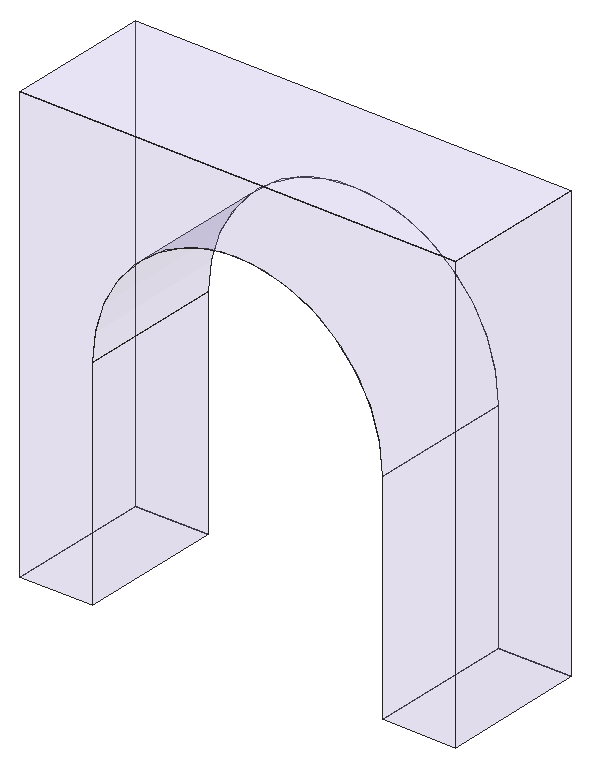
Revit family
Parameters
  Width [instance] = 9000 mm
  Opening Width [instance] = 6000 mm
  Opening Height [instance] = 7500 mm
  Mass Material [instance] = Default Mass
  Height [instance] = 9000 mm
  Depth [instance] = 3000 mm
  Default Elevation = 1200 mm
Reference planes
  plane 1 "Center (Front/Back)": y = 12.955
  plane 2: z = 0
  plane 3 "Center (Left/Right)": x = -30.261
  plane 4: y = 1512.955
  plane 5: x = 4469.739
  plane 6: x = -4530.261
  plane 7: y = -1487.045
  plane 8: z = 9000
  plane 9: z = 4500
  plane 10: x = -3030.261
  plane 11: x = 2969.739
  plane 12: z = 7500
  plane 13: z = 1500
Forms (mm)
  Extrusion 1, solid, material "Default Mass" <- "Mass Material"
    sketch origin (0, 0, 0) x (1, 0, 0) y (0, 1, 0)
      loop
        line (-4530.261, 1512.955) -> (-4530.261, -1487.045) -> (4469.739, -1487.045) -> (4469.739, 1512.955) -> (-4530.261, 1512.955)
    from 0 to 9000
  Extrusion 2, void
    sketch origin (0, 12.955, 0) x (1, 0, 0) y (0, 0, 1)
      loop
        line (2969.739, 0) -> (2969.739, 4500)
        arc (2969.739, 4500) -> (-30.261, 7500) -> (-3030.261, 4500) r 3000
        line (-3030.261, 4500) -> (-3030.261, 0) -> (2969.739, 0)
    from -1500 to 1500
Cuts and joins
  Extrusion 2 cuts Extrusion 1
Dimensions and locks
  equal spacing: Extrusion 1 sketch curve, plane 3 "Center (Left/Right)", Extrusion 1 sketch curve
  equal spacing: Extrusion 1 sketch curve, plane 1 "Center (Front/Back)", Extrusion 1 sketch curve
  equal spacing: plane 6, plane 3 "Center (Left/Right)", plane 5
  "Width": plane 6 to plane 5
  equal spacing: plane 4, plane 1 "Center (Front/Back)", plane 7
  "Depth": plane 4 to plane 7
  equal spacing: plane 10, plane 3 "Center (Left/Right)", plane 11
  "Opening Width": plane 10 to plane 11
  "Opening Width": plane 12 to plane 13
  equal spacing: plane 12, plane 9, plane 13
  "Height": plane 8 to plane 2
  locked: plane 2 to level
  "Opening Height": plane 12 to plane 2
  aligned and locked: Extrusion 1 sketch curve to plane 4
  aligned and locked: Extrusion 1 sketch curve to plane 6
  aligned and locked: Extrusion 1 to plane 8
  aligned and locked: plane 10 to Extrusion 2 sketch curve
  aligned and locked: plane 11 to Extrusion 2 sketch curve
  aligned and locked: Extrusion 2 to plane 4
  aligned and locked: Extrusion 1 to plane 2
  aligned and locked: plane 2 to Extrusion 2 sketch curve
  aligned and locked: cut or joined group of Extrusion 1, Extrusion 2 to plane 7
Automatic sketch dimensions
  Extrusion 2 sketch curve to plane 9 = 0 mm
